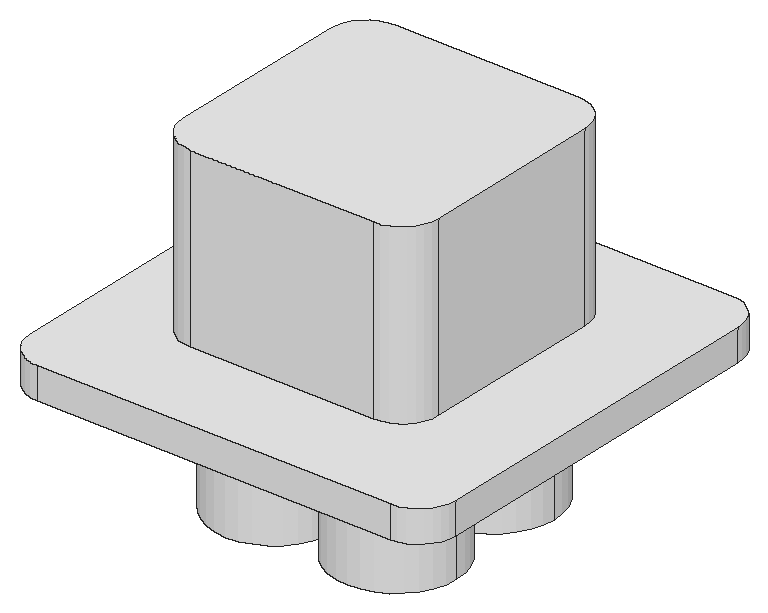
Revit family "Mixer-Bath Shower-Dorf Epic Bloc Progressive1", category Plumbing Fixtures, host Face, Revit 2014
Parameters (values of type "Chrome")
  Width_ANZRS = 36.000 mm  # constant formula
  Waste Connection = no
  Vent Connection = no
  URL = "http://specify.caroma.com.au"
  Type Comments = "Dorf Epic Bloc Progressive Wall Mixer - Chrome"
  ModifiedIssue_ANZRS = 20161103.01  # constant formula
  Model = "6556.04"
  Material_ANZRS = Metal-Chrome-Caroma
  Manufacturer = "GWA Bathrooms & Kitchens"  # constant formula
  Length_ANZRS = 70.000 mm  # constant formula
  Height_ANZRS = 70.000 mm  # constant formula
  Handle = Metal-Chrome-Caroma
  HWFU = 3
  HW Connection = yes
  Description = ""
  Default Elevation = 1000.000 mm
  CreatedBy_ANZRS = "Design Content"  # constant formula
  CreatedByURL_ANZRS = "http://www.designcontent.com.au"
  Cost = 0
  Connector Radius = 10.000 mm  # constant formula
  CWFU = 3
  CW Connection = yes
  Assembly Code = "D2020300"
Types (7, lengths in mm): name | Type Comments | Model | Material_ANZRS | Handle
  (no name) | "Dorf Epic Bloc Progressive Wall Mixer - Chrome" | "6556.04" | Metal-Chrome-Caroma | Metal-Chrome-Caroma
  Chrome | "Dorf Epic Bloc Progressive Wall Mixer - Chrome" | "6556.04" | Metal-Chrome-Caroma | Metal-Chrome-Caroma
  Black | "Dorf Epic Bloc Progressive Wall Mixer - Black" | "6556.90" | Metal-Brass-Powdercoated-Matte Black | Metal-Brass-Powdercoated-Matte Black
  Chrome with Black Handle | "Dorf Epic Bloc Progressive Wall Mixer - Chrome with Black Handle" | "6557.04" | Metal-Chrome-Caroma | Metal-Brass-Powdercoated-Matte Black
  Black with Copper Handle | "Dorf Epic Bloc Progressive Wall Mixer - Black with Copper Handle" | "6558.90" | Metal-Brass-Powdercoated-Matte Black | Metal-Copper-Satin
  Black with Gold Handle | "Dorf Epic Bloc Progressive Wall Mixer - Black with Gold Handle" | "6559.90" | Metal-Brass-Powdercoated-Matte Black | Metal-Gold-Fine
  Black with Rose Gold Handle | "Dorf Epic Bloc Progressive Wall Mixer - Black with Rose Gold Handle" | "6557.90" | Metal-Brass-Powdercoated-Matte Black | Metal-Gold-Rose
Reference planes
  plane 1 "Center (Elevation)": y = 0
  plane 2 "Back": z = 0
  plane 3 "Center (Left/Right)": x = 0
  plane 4 "Top": y = 35
  plane 5 "Bottom": y = -35
  plane 6 "Right": x = 35
  plane 7 "Left": x = -35
  plane 8 "Front": z = 36
Forms (mm)
  Extrusion 1, solid, material "Metal-Chrome-Caroma" <- "Material_ANZRS"
    sketch origin (17.071, -2.929, 0) x (1, 0, 0) y (0, 1, 0)
      loop
        circle (-7.071, -7.071) r 10
    from -20 to 0
  Extrusion 2, solid, material "Metal-Chrome-Caroma" <- "Material_ANZRS"
    sketch origin (-17.071, -17.071, 0) x (-1, 0, 0) y (0, -1, 0)
      loop
        circle (-7.071, -7.071) r 10
    from -20 to 0
  Extrusion 3, solid, material "Metal-Chrome-Caroma" <- "Material_ANZRS"
    sketch origin (0, 0, 0) x (1, 0, 0) y (0, 1, 0)
      loop
        arc (-29, 35) -> (-33.243, 33.243) -> (-35, 29) r 6
        line (-35, 29) -> (-35, -29)
        arc (-35, -29) -> (-33.243, -33.243) -> (-29, -35) r 6
        line (-29, -35) -> (29, -35)
        arc (29, -35) -> (33.243, -33.243) -> (35, -29) r 6
        line (35, -29) -> (35, 29)
        arc (35, 29) -> (33.243, 33.243) -> (29, 35) r 6
        line (29, 35) -> (-29, 35)
    from 0 to 5.2
  Revolve 4, solid, material "Metal-Chrome-Caroma" <- "Material_ANZRS"
    sketch origin (0, 0, -124.8) x (0, 1, 0) y (0, 0, 1)
      loop
        line (0, 130) -> (18.7, 130)
        arc (18.7, 130) -> (12.848, 142.523) -> (0, 147.623) r 18.733
        line (0, 147.623) -> (0, 130)
      axis (0, 147.623) -> (0, 130)
    angle from 0 to 360
  Extrusion 5, solid, material "Metal-Chrome-Caroma" <- "Handle"
    sketch origin (0, 0, 0) x (1, 0, 0) y (0, 1, 0)
      loop
        line (-21, 15) -> (-21, -15)
        arc (-21, -15) -> (-19.243, -19.243) -> (-15, -21) r 6
        line (-15, -21) -> (15, -21)
        arc (15, -21) -> (19.243, -19.243) -> (21, -15) r 6
        line (21, -15) -> (21, 15)
        arc (21, 15) -> (19.243, 19.243) -> (15, 21) r 6
        line (15, 21) -> (-15, 21)
        arc (-15, 21) -> (-19.243, 19.243) -> (-21, 15) r 6
    from 6.7 to 35.7
  Extrusion 6, solid, material "Metal-Chrome-Caroma" <- "Material_ANZRS"
    sketch origin (17.071, 17.071, 0) x (1, 0, 0) y (0, 1, 0)
      loop
        circle (-7.071, -7.071) r 10
    from -20 to 0
Lines and regions (mm)
  Masking region 1
    outline origin (0, 0, 0) x (1, 0, 0) y (0, 1, 0)
      loop
        line (-35, 29) -> (-35, -29)
        arc (-35, -29) -> (-33.243, -33.243) -> (-29, -35) r 6
        line (-29, -35) -> (29, -35)
        arc (29, -35) -> (33.243, -33.243) -> (35, -29) r 6
        line (35, -29) -> (35, 29)
        arc (35, 29) -> (33.243, 33.243) -> (29, 35) r 6
        line (29, 35) -> (-29, 35)
        arc (-29, 35) -> (-33.243, 33.243) -> (-35, 29) r 6
  Masking region 2
    outline origin (0, 0, 0) x (0, 1, 0) y (0, 0, 1)
      loop
        line (35, 5.2) -> (18.7, 5.2)
        arc (18.7, 5.2) -> (18.64, 5.952) -> (18.55, 6.7) r 18.653
        line (18.55, 6.7) -> (21, 6.7) -> (21, 35.7) -> (-21, 35.7) -> (-21, 6.7) -> (-18.55, 6.7)
        arc (-18.55, 6.7) -> (-18.64, 5.952) -> (-18.7, 5.2) r 18.653
        line (-18.7, 5.2) -> (-35, 5.2) -> (-35, 0) -> (35, 0) -> (35, 5.2)
  Masking region 3
    outline origin (0, 0, 0) x (1, 0, 0) y (0, 0, 1)
      loop
        line (-35, 0) -> (35, 0) -> (35, 5.2) -> (18.7, 5.2) -> (18.516, 6.7) -> (21, 6.7) -> (21, 35.7) -> (-21, 35.7) -> (-21, 6.7) -> (-18.516, 6.7) -> (-18.7, 5.2) -> (-35, 5.2) -> (-35, 0)
  symbolic lines, style "Taps/Mixers"
    curve 1: arc (-21, -15, 0) -> (-19.243, -19.243, 0) -> (-15, -21, 0) r 6
    curve 2: line (-15, -21, 0) -> (15, -21, 0)
    curve 3: arc (15, -21, 0) -> (19.243, -19.243, 0) -> (21, -15, 0) r 6
    curve 4: line (0, 18.55, 6.7) -> (0, -18.55, 6.7)
    curve 5: line (0, 18.7, 5.2) -> (0, -18.7, 5.2)
    curve 6: line (18.516, 0, 6.7) -> (-18.516, 0, 6.7)
    curve 7: line (18.7, 0, 5.2) -> (-18.7, 0, 5.2)
    curve 8: arc (-21, 15, 0) -> (-19.243, 19.243, 0) -> (-15, 21, 0) r 6
    curve 9: line (-15, 21, 0) -> (15, 21, 0)
    curve 10: arc (15, 21, 0) -> (19.243, 19.243, 0) -> (21, 15, 0) r 6
    curve 11: line (-21, -15, 0) -> (-21, 15, 0)
    curve 12: line (21, -15, 0) -> (21, 15, 0)
Dimensions and locks
  aligned and locked: plane 2 "Back" to host face
  aligned and locked: level to host face
Connectors
  piping at (10, -10, -20), diameter 20, driven by "Connector Radius", driven by "CWFU"
    settings: on Extrusion 1, index 5, connector inside diameter 0.7874", connector length 0.000 mm, flow factor 0, pipe flow 0 GPM, pressure drop 0.00 psi, fitting loss kfactor 0, connector angle 0.00°, fixture units 3, engagement length 0.000 mm, angle of deflection 0.00°, flow configuration 3, flow direction 1, fitting loss method 101, system type 20, joint type 0, gender type 0, connector reference index -1, connector utility 0, adjustable connector no, is connector primary yes, connector description "Cold Inlet"
  piping at (-10, -10, -20), diameter 20, driven by "Connector Radius", driven by "HWFU"
    settings: on Extrusion 2, index 6, connector inside diameter 0.7874", connector length 0.000 mm, flow factor 0, pipe flow 0 GPM, pressure drop 0.00 psi, fitting loss kfactor 0, connector angle 0.00°, fixture units 3, engagement length 0.000 mm, angle of deflection 0.00°, flow configuration 3, flow direction 1, fitting loss method 101, system type 19, joint type 0, gender type 0, connector reference index -1, connector utility 0, adjustable connector no, is connector primary no, connector description "Hot Inlet"
  piping at (10, 10, -20), diameter 20, driven by "HWFU", driven by "Connector Radius"
    settings: on Extrusion 6, index 7, connector inside diameter 24", connector length 0.000 mm, flow factor 0, pipe flow 0 GPM, pressure drop 0.00 psi, fitting loss kfactor 0, connector angle 0.00°, fixture units 3, engagement length 0.000 mm, angle of deflection 0.00°, flow configuration 3, flow direction 2, fitting loss method 0, system type 19, joint type 0, gender type 0, connector reference index -1, connector utility 0, adjustable connector no, is connector primary no, connector description "Bath Outlet"
